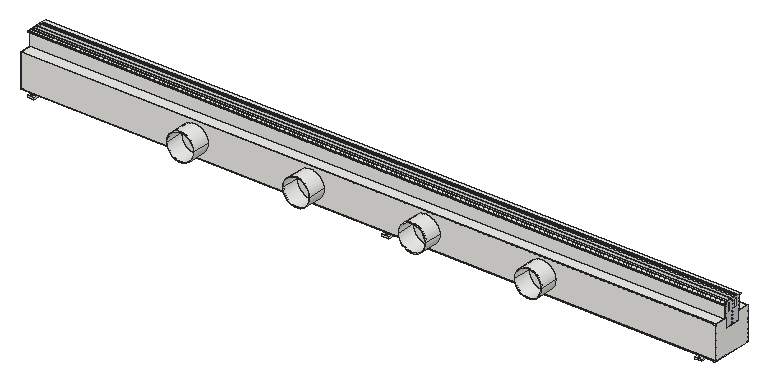
Revit family "SDA", category Air Terminals, Revit 2017
Family settings
  Round Connector Dimension = Use Diameter
  Part Type = Normal
  Work Plane-Based = No
  Always vertical = Yes
  Cut with Voids When Loaded = No
  Shared = No
  Room Calculation Point = No
Parameters (values of type "2000_Abmessungen mit 2-reihigem Schlitzauslass")
  Volumenstrom V0 ( m³/h) = if(and(Index1 = 1, Index2 = 1), "48/59/70", if(and(Index1 = 1, Index2 = 2), "85/105/127", if(and(Index1 = 2, Index2 = 1), "85/105/127", if(and(Index1 = 2, Index2 = 2), "146/186/228", if(and(Index1 = 3, Index2 = 1), "117/147/179", if(and(Index1 = 3, Index2 = 2), "198/257/319", if(and(Index1 = 4, Index2 = 1), "146/186/228", if(and(Index1 = 4, Index2 = 2), "245/323/404", "Product not available"))))))))  # "245/323/404"
  Visible 2 Reihigem = yes
  Visible 4 Stutzen = yes
  Visible 3 Stutzen = no
  Visible 2 Stutzen = no
  Visible 1 Stutzen = no
  Spez. Volumenstrom (m³/hm) = if(and(Index1 = 1, Index2 = 1), "97/118/141", if(and(Index1 = 1, Index2 = 2), "85/105/127", if(and(Index1 = 2, Index2 = 1), "85/105/127", if(and(Index1 = 2, Index2 = 2), "73/93/114", if(and(Index1 = 3, Index2 = 1), "78/98/119", if(and(Index1 = 3, Index2 = 2), "66/86/106", if(and(Index1 = 4, Index2 = 1), "73/93/114", if(and(Index1 = 4, Index2 = 2), "61/81/101", "Product not available"))))))))  # "61/81/101"
  Schalleistungspegel Lw dB(A) = if(Index = 1, "30/35/40", "30/35/40")  # "30/35/40"
  Min Flow = 0.0 L/s
  Max Flow = 0.0 L/s
  Index2 = 2
  Index1 = 4
  Index = 1
  E = A - (2 * D)  # 999.0 mm
  Druckverlust Δp (Pa) = if(and(Index1 = 1, Index2 = 1), "44/65/91", if(and(Index1 = 1, Index2 = 2), "34/52/74", if(and(Index1 = 2, Index2 = 1), "34/52/74", if(and(Index1 = 2, Index2 = 2), "25/40/60", if(and(Index1 = 3, Index2 = 1), "29/45/66", if(and(Index1 = 3, Index2 = 2), "21/35/53", if(and(Index1 = 4, Index2 = 1), "25/40/60", if(and(Index1 = 4, Index2 = 2), "18/31/48", "Product not available"))))))))  # "18/31/48"
  D = if(Index1 = 1, 124.5 mm, if(Index1 = 2, 249.5 mm, if(Index1 = 3, 374.5 mm, 499.5 mm)))  # 499.5 mm
  C = if(Index = 1, 116.0 mm, 95.0 mm)  # 116.0 mm
  A = if(Index1 = 1, 498.0 mm, if(Index1 = 2, 998.0 mm, if(Index1 = 3, 1498.0 mm, 1998.0 mm)))  # 1998.0 mm
  Product material = RAL 9016
  B = if(Index = 1, 48.6 mm, 27.5 mm)  # 48.6 mm
Types (9, lengths in mm): name | Volumenstrom V0 ( m³/h) | Visible 2 Reihigem | Visible 4 Stutzen | Visible 3 Stutzen | Visible 2 Stutzen | Visible 1 Stutzen | Spez. Volumenstrom (m³/hm) | Index2 | Index1 | Index | E | Druckverlust Δp (Pa) | D | C | A | B
  (no name) | "245/323/404" | yes | yes | no | no | no | "61/81/101" | 2 | 4 | 1 | 999.0 | "18/31/48" | 499.5 | 116.0 | 1998.0 | 48.6
  500_Abmessungen mit 1-reihigem Schlitzauslass | "48/59/70" | no | no | no | no | yes | "97/118/141" | 1 | 1 | 0 | 249.0 | "44/65/91" | 124.5 | 95.0 | 498.0 | 27.5
  500_Abmessungen mit 2-reihigem Schlitzauslass | "85/105/127" | yes | no | no | no | yes | "85/105/127" | 2 | 1 | 1 | 249.0 | "34/52/74" | 124.5 | 116.0 | 498.0 | 48.6
  1000_Abmessungen mit 1-reihigem Schlitzauslass | "85/105/127" | no | no | no | yes | no | "85/105/127" | 1 | 2 | 0 | 499.0 | "34/52/74" | 249.5 | 95.0 | 998.0 | 27.5
  1000_Abmessungen mit 2-reihigem Schlitzauslass | "146/186/228" | yes | no | yes | no | no | "73/93/114" | 2 | 2 | 1 | 499.0 | "25/40/60" | 249.5 | 116.0 | 998.0 | 48.6
  1500_Abmessungen mit 1-reihigem Schlitzauslass | "117/147/179" | no | no | yes | no | no | "78/98/119" | 1 | 3 | 0 | 749.0 | "29/45/66" | 374.5 | 95.0 | 1498.0 | 27.5
  1500_Abmessungen mit 2-reihigem Schlitzauslass | "198/257/319" | yes | yes | no | no | no | "66/86/106" | 2 | 3 | 1 | 749.0 | "21/35/53" | 374.5 | 116.0 | 1498.0 | 48.6
  2000_Abmessungen mit 1-reihigem Schlitzauslass | "146/186/228" | no | yes | no | no | no | "73/93/114" | 1 | 4 | 0 | 999.0 | "25/40/60" | 499.5 | 95.0 | 1998.0 | 27.5
  2000_Abmessungen mit 2-reihigem Schlitzauslass | "245/323/404" | yes | yes | no | no | no | "61/81/101" | 2 | 4 | 1 | 999.0 | "18/31/48" | 499.5 | 116.0 | 1998.0 | 48.6
Reference planes
  plane 1 "Center (Front/Back)": y = 0
  plane 2: z = 0
  plane 3 "Center (Left/Right)": x = 0
  plane 4: x = -999
  plane 5: x = 999
  plane 6: x = -1000
  plane 7: x = 1000
  plane 8: y = 58
  plane 9: y = -58
  plane 10: y = 71.5
  plane 11: y = -71.5
  plane 12: x = -959
  plane 13: x = 60
  plane 14: x = 959
  plane 15: y = 63.5
  plane 16: y = -63.5
  plane 17: x = 499.5
  plane 18: x = -499.5
  plane 19: z = 99.6
  plane 20: z = 51.8
  plane 21: y = -108
  plane 22: x = -166.5
  plane 23: x = 166.5
Forms (mm)
  Sweep 1, solid, material "RAL 9016" <- "Product material"
    path origin (0, 0, 0) x (1, 0, 0) y (0, 1, 0)
      loop
        line (-1000, 0) -> (1000, 0)
    profile "B_C : B_C" origin (0, 0, 0) x (0, 1, 0) y (0, 0, 1)
      loop
        arc (24.3, 99.6) -> (24.593, 98.893) -> (25.3, 98.6) r 1
        line (25.3, 98.6) -> (57, 98.6) -> (57, 5) -> (-57, 5) -> (-57, 98.6) -> (-25.3, 98.6)
        arc (-25.3, 98.6) -> (-24.593, 98.893) -> (-24.3, 99.6) r 1
        line (-24.3, 99.6) -> (-24.3, 134) -> (-25.3, 134) -> (-25.3, 99.6) -> (-57, 99.6)
        arc (-57, 99.6) -> (-57.707, 99.307) -> (-58, 98.6) r 1
        line (-58, 98.6) -> (-58, 5)
        arc (-58, 5) -> (-57.707, 4.293) -> (-57, 4) r 1
        line (-57, 4) -> (57, 4)
        arc (57, 4) -> (57.707, 4.293) -> (58, 5) r 1
        line (58, 5) -> (58, 98.6)
        arc (58, 98.6) -> (57.707, 99.307) -> (57, 99.6) r 1
        line (57, 99.6) -> (25.3, 99.6) -> (25.3, 134) -> (24.3, 134) -> (24.3, 99.6)
  Extrusion 2, solid, material "RAL 9016" <- "Product material"
    sketch origin (-1000, 0, 0) x (0, -1, 0) y (0, 0, 1)
      loop
        line (57, 98.6) -> (24.3, 98.6) -> (24.3, 73.6) -> (-24.3, 73.6) -> (-24.3, 98.6) -> (-57, 98.6) -> (-57, 5) -> (57, 5) -> (57, 98.6)
    from 0 to -1
  Extrusion 3, solid, material "RAL 9016" <- "Product material"
    sketch origin (1000, 0, 0) x (0, 0, 1) y (0, -1, 0)
      loop
        line (98.6, -57) -> (98.6, -24.3) -> (73.6, -24.3) -> (73.6, 24.3) -> (98.6, 24.3) -> (98.6, 57) -> (5, 57) -> (5, -57) -> (98.6, -57)
    from 0 to -1
  Extrusion 4, solid, material "RAL 9016" <- "Product material"
    sketch origin (0, 0, 0) x (1, 0, 0) y (0, 1, 0)
      loop
        line (-969, 71.5) -> (-969, -71.5) -> (-949, -71.5) -> (-949, 71.5) -> (-969, 71.5)
      loop
        line (50, 71.5) -> (50, -71.5) -> (70, -71.5) -> (70, 71.5) -> (50, 71.5)
      loop
        line (949, 71.5) -> (949, -71.5) -> (969, -71.5) -> (969, 71.5) -> (949, 71.5)
    from 0 to 4
  Extrusion 5, void
    sketch origin (0, 0, 0) x (1, 0, 0) y (0, 1, 0)
      loop
        circle (-959, 63.5) r 4
      loop
        circle (-959, -63.5) r 4
      loop
        circle (60, 63.5) r 4
      loop
        circle (60, -63.5) r 4
      loop
        circle (959, 63.5) r 4
      loop
        circle (959, -63.5) r 4
    from 0 to 4
  Sweep 6, solid, material "RAL 9016" <- "Product material"
    path origin (0, 0, 0) x (1, 0, 0) y (0, 1, 0)
      loop
        line (-1000, 0) -> (1000, 0)
    profile "B : B" origin (0, 0, 0) x (0, 1, 0) y (0, 0, 1)
      loop
        line (-20.85, 139.8) -> (-20.85, 140.8) -> (-32.3, 140.8) -> (-32.3, 139.8) -> (-23.35, 139.8) -> (-23.35, 74.6) -> (23.35, 74.6) -> (23.35, 139.8) -> (32.3, 139.8) -> (32.3, 140.8) -> (20.85, 140.8) -> (20.85, 139.8) -> (22.35, 139.8) -> (22.35, 75.6) -> (1, 75.6) -> (1, 140.8) -> (-1, 140.8) -> (-1, 75.6) -> (-22.35, 75.6) -> (-22.35, 139.8) -> (-20.85, 139.8)
  Extrusion 7, solid
    sketch origin (1000, 0, 0) x (0, 0, 1) y (0, -1, 0)
      loop
        line (75.6, -22.35) -> (139.8, -22.35) -> (139.8, -20.85) -> (140.8, -20.85) -> (140.8, 20.85) -> (139.8, 20.85) -> (139.8, 22.35) -> (75.6, 22.35) -> (75.6, -22.35)
    from 0 to -1
  Extrusion 8, solid
    sketch origin (-1000, 0, 0) x (0, -1, 0) y (0, 0, 1)
      loop
        line (22.35, 75.6) -> (22.35, 139.8) -> (20.85, 139.8) -> (20.85, 140.8) -> (-20.85, 140.8) -> (-20.85, 139.8) -> (-22.35, 139.8) -> (-22.35, 75.6) -> (22.35, 75.6)
    from 0 to -1
  Extrusion 9, solid, material "RAL 9016" <- "Product material", visible <- "Visible 2 Reihigem"
    sketch origin (-1000, 0, 0) x (0, -1, 0) y (0, 0, 1)
      loop
        line (10.9, 140.8) -> (10.9, 115.8) -> (12.9, 115.8) -> (12.9, 140.8) -> (10.9, 140.8)
      loop
        line (-10.9, 140.8) -> (-12.9, 140.8) -> (-12.9, 115.8) -> (-10.9, 115.8) -> (-10.9, 140.8)
    from 0 to -2000
  Extrusion 10, solid, material "RAL 9016" <- "Product material", visible <- "Visible 4 Stutzen"
    sketch origin (0, 0, 0) x (1, 0, 0) y (0, 0, 1)
      loop
        circle (-499.5, 51.8) r 39
      loop
        circle (-499.5, 51.8) r 38
      loop
        circle (-166.5, 51.8) r 39
      loop
        circle (-166.5, 51.8) r 38
      loop
        circle (166.5, 51.8) r 39
      loop
        circle (166.5, 51.8) r 38
      loop
        circle (499.5, 51.8) r 39
      loop
        circle (499.5, 51.8) r 38
    from 58 to 108
  Extrusion 11, solid, material "RAL 9016" <- "Product material", visible <- "Visible 1 Stutzen"
    sketch origin (0, 0, 0) x (1, 0, 0) y (0, 0, 1)
      loop
        circle (0, 51.8) r 39
      loop
        circle (0, 51.8) r 38
    from 58 to 108
  Extrusion 12, solid, material "RAL 9016", visible <- "Visible 2 Stutzen"
    sketch origin (0, 0, 0) x (1, 0, 0) y (0, 0, 1)
      loop
        circle (-499.5, 51.8) r 39
      loop
        circle (-499.5, 51.8) r 38
      loop
        circle (499.5, 51.8) r 39
      loop
        circle (499.5, 51.8) r 38
    from 45.841 to 108
  Extrusion 13, solid, material "RAL 9016", visible <- "Visible 3 Stutzen"
    sketch origin (0, 0, 0) x (1, 0, 0) y (0, 0, 1)
      loop
        circle (-499.5, 51.8) r 39
      loop
        circle (499.5, 51.8) r 39
      loop
        circle (-499.5, 51.8) r 38
      loop
        circle (499.5, 51.8) r 38
      loop
        circle (0, 51.8) r 39
      loop
        circle (0, 51.8) r 38
    from 57 to 108
Cuts and joins
  Extrusion 5 cuts Extrusion 4
Dimensions and locks
  equal spacing: plane 4, plane 3 "Center (Left/Right)", plane 5
  "A": plane 4 to plane 5
  locked: plane 6 to plane 4 at 1
  locked: plane 5 to plane 7 at 1
  equal spacing: plane 9, plane 1 "Center (Front/Back)", plane 8
  "C": plane 9 to plane 8
  locked: plane 8 to plane 10 at 13.5
  locked: plane 11 to plane 9 at 13.5
  locked: plane 4 to plane 12 at 40
  locked: plane 14 to plane 5 at 40
  locked: plane 3 "Center (Left/Right)" to plane 13 at 60
  equal spacing: Extrusion 4 sketch curve, plane 12, Extrusion 4 sketch curve
  locked: Extrusion 4 sketch curve to Extrusion 4 sketch curve at 20  (x2)
  equal spacing: Extrusion 4 sketch curve, plane 14, Extrusion 4 sketch curve
  locked: plane 15 to plane 8 at 5.5
  locked: plane 16 to plane 9 at 5.5
  locked: Extrusion 9 sketch curve to Extrusion 9 sketch curve at 2  (x2)
  locked: plane 1 "Center (Front/Back)" to Extrusion 9 sketch curve at 10.9
  locked: Extrusion 9 sketch curve to plane 1 "Center (Front/Back)" at 10.9
  "D": plane 17 to plane 5
  "D": plane 18 to plane 4
  locked: plane 19 to level at 99.6
  locked: plane 19 to plane 20 at 47.8
  locked: plane 21 to plane 9 at 50
  equal spacing: plane 17, plane 23, plane 22, plane 18
  aligned and locked: plane 1 "Center (Front/Back)" to Sweep 1 sketch curve
  aligned and locked: Extrusion 2 sketch curve to Sweep 1  (x5)
  aligned and locked: Sweep 1 to Extrusion 2 sketch curve  (x2)
  aligned and locked: Extrusion 3 sketch curve to Sweep 1  (x5)
  aligned and locked: Sweep 1 to Extrusion 3 sketch curve  (x2)
  aligned and locked: plane 10 to Extrusion 4
  aligned and locked: Extrusion 4 to plane 11  (x2)
  aligned and locked: Extrusion 4 to plane 10  (x2)
  aligned and locked: plane 11 to Extrusion 4
  aligned and locked: Sweep 1 to Sweep 6 sketch curve  (x2)
  aligned and locked: Extrusion 7 sketch curve to Sweep 6  (x7)
  aligned and locked: Extrusion 8 sketch curve to Sweep 6  (x7)
  aligned and locked: Extrusion 8 sketch curve to Extrusion 8 sketch curve
  aligned and locked: plane 7 to Extrusion 9
  aligned and locked: plane 6 to Extrusion 9
  aligned and locked: plane 19 to Sweep 1
  aligned and locked: Extrusion 10 to plane 9
  aligned and locked: Extrusion 10 to Extrusion 11
  aligned and locked: Extrusion 10 to plane 21
  aligned and locked: Extrusion 12 to plane 21
  aligned and locked: Extrusion 13 to plane 21
  aligned and locked: Extrusion 13 to Extrusion 2
  aligned and locked: Extrusion 11 to plane 9
Automatic sketch dimensions
  Sweep 1 sketch curve to plane 6 = 0.0 mm
  Sweep 1 sketch curve to plane 7 = 0.0 mm
  Extrusion 2 sketch curve to Extrusion 2 sketch curve = 25.0 mm
  Sweep 1 to Extrusion 3 sketch curve = 25.0 mm
  Extrusion 4 sketch curve to plane 11 = 0.0 mm  (x3)
  Extrusion 4 sketch curve to plane 10 = 0.0 mm  (x3)
  plane 13 to Extrusion 4 sketch curve = 10.0 mm
  Extrusion 4 sketch curve to plane 13 = 10.0 mm
  Extrusion 5 sketch curve to plane 12 = 0.0 mm  (x2)
  Extrusion 5 sketch curve to plane 13 = 0.0 mm  (x2)
  Extrusion 5 sketch curve to plane 14 = 0.0 mm  (x2)
  plane 16 to Extrusion 5 sketch curve = 0.0 mm  (x3)
  Extrusion 5 sketch curve to plane 15 = 0.0 mm  (x3)
  plane 1 "Center (Front/Back)" to Sweep 6 sketch curve = 0.0 mm
  Sweep 6 to Extrusion 7 sketch curve = 0.0 mm
  Extrusion 8 sketch curve to Sweep 6 = 0.0 mm
  Sweep 6 to Extrusion 9 sketch curve = 0.0 mm
  Sweep 6 to Extrusion 9 sketch curve = 24.0 mm
  Extrusion 9 sketch curve to Extrusion 9 sketch curve = 0.0 mm
  Extrusion 9 sketch curve to Sweep 6 = 0.0 mm
  Extrusion 11 sketch curve to plane 3 "Center (Left/Right)" = 0.0 mm
  Extrusion 11 sketch curve to plane 20 = 0.0 mm
  Extrusion 11 sketch curve to Extrusion 11 sketch curve = 0.0 mm  (x2)
  Extrusion 10 sketch curve to Extrusion 10 sketch curve = 0.0 mm  (x8)
  plane 18 to Extrusion 10 sketch curve = 0.0 mm
  Extrusion 10 sketch curve to plane 20 = 0.0 mm  (x4)
  Extrusion 10 sketch curve to plane 22 = 0.0 mm
  plane 23 to Extrusion 10 sketch curve = 0.0 mm
  Extrusion 10 sketch curve to plane 17 = 0.0 mm
  Extrusion 12 sketch curve to Extrusion 12 sketch curve = 0.0 mm  (x4)
  plane 18 to Extrusion 12 sketch curve = 0.0 mm
  Extrusion 12 sketch curve to plane 17 = 0.0 mm
  Extrusion 12 sketch curve to plane 20 = 0.0 mm  (x2)
  Extrusion 13 sketch curve to Extrusion 13 sketch curve = 0.0 mm  (x6)
  plane 18 to Extrusion 13 sketch curve = 0.0 mm
  Extrusion 13 sketch curve to plane 3 "Center (Left/Right)" = 0.0 mm
  Extrusion 13 sketch curve to plane 17 = 0.0 mm
  Extrusion 13 sketch curve to plane 20 = 0.0 mm  (x3)
  radius of Extrusion 5 sketch curve = 4.0 mm  (x6)
  radius of Extrusion 11 sketch curve = 39.0 mm
  radius of Extrusion 11 sketch curve = 38.0 mm
  radius of Extrusion 10 sketch curve = 39.0 mm  (x4)
  radius of Extrusion 10 sketch curve = 38.0 mm  (x4)
  radius of Extrusion 12 sketch curve = 39.0 mm  (x2)
  radius of Extrusion 12 sketch curve = 38.0 mm  (x2)
  radius of Extrusion 13 sketch curve = 39.0 mm  (x3)
  radius of Extrusion 13 sketch curve = 38.0 mm  (x3)
Connectors
  hvac at (0, -108, 51.8)
    settings: on Extrusion 11, index 1, duct flow 0.0 L/s, flow factor 0, pres drop 0.0 Pa, loss coef 0, conn angle 0.00°, conn width 304.8 mm, conn height 304.8 mm, conn diameter 78 mm, duct sys type 1, conn prof type 0, flow config 0, flow direction 1, loss method 0, conn ref index -1, conn util no, is conn primary yes, conn desc ""
  hvac at (499.5, -108, 51.8)
    settings: on Extrusion 12, index 2, duct flow 0.0 L/s, flow factor 0, pres drop 0.0 Pa, loss coef 0, conn angle 0.00°, conn width 304.8 mm, conn height 304.8 mm, conn diameter 78 mm, duct sys type 1, conn prof type 0, flow config 0, flow direction 1, loss method 0, conn ref index -1, conn util no, is conn primary no, conn desc ""
  hvac at (-499.5, -108, 51.8)
    settings: on Extrusion 12, index 3, duct flow 0.0 L/s, flow factor 0, pres drop 0.0 Pa, loss coef 0, conn angle 0.00°, conn width 304.8 mm, conn height 304.8 mm, conn diameter 78 mm, duct sys type 1, conn prof type 0, flow config 0, flow direction 1, loss method 0, conn ref index -1, conn util no, is conn primary no, conn desc ""
  hvac at (-499.5, -108, 51.8)
    settings: on Extrusion 13, index 4, duct flow 0.0 L/s, flow factor 0, pres drop 0.0 Pa, loss coef 0, conn angle 0.00°, conn width 304.8 mm, conn height 304.8 mm, conn diameter 78 mm, duct sys type 1, conn prof type 0, flow config 0, flow direction 1, loss method 0, conn ref index -1, conn util no, is conn primary no, conn desc ""
  hvac at (0, -108, 51.8)
    settings: on Extrusion 13, index 5, duct flow 0.0 L/s, flow factor 0, pres drop 0.0 Pa, loss coef 0, conn angle 0.00°, conn width 304.8 mm, conn height 304.8 mm, conn diameter 78 mm, duct sys type 1, conn prof type 0, flow config 0, flow direction 1, loss method 0, conn ref index -1, conn util no, is conn primary no, conn desc ""
  hvac at (499.5, -108, 51.8)
    settings: on Extrusion 13, index 6, duct flow 0.0 L/s, flow factor 0, pres drop 0.0 Pa, loss coef 0, conn angle 0.00°, conn width 304.8 mm, conn height 304.8 mm, conn diameter 78 mm, duct sys type 1, conn prof type 0, flow config 0, flow direction 1, loss method 0, conn ref index -1, conn util no, is conn primary no, conn desc ""
  hvac at (-166.5, -108, 51.8)
    settings: on Extrusion 10, index 7, duct flow 0.0 L/s, flow factor 0, pres drop 0.0 Pa, loss coef 0, conn angle 0.00°, conn width 304.8 mm, conn height 304.8 mm, conn diameter 78 mm, duct sys type 1, conn prof type 0, flow config 0, flow direction 1, loss method 0, conn ref index -1, conn util no, is conn primary no, conn desc ""
  hvac at (166.5, -108, 51.8)
    settings: on Extrusion 10, index 8, duct flow 0.0 L/s, flow factor 0, pres drop 0.0 Pa, loss coef 0, conn angle 0.00°, conn width 304.8 mm, conn height 304.8 mm, conn diameter 78 mm, duct sys type 1, conn prof type 0, flow config 0, flow direction 1, loss method 0, conn ref index -1, conn util no, is conn primary no, conn desc ""
  hvac at (-499.5, -108, 51.8)
    settings: on Extrusion 10, index 9, duct flow 0.0 L/s, flow factor 0, pres drop 0.0 Pa, loss coef 0, conn angle 0.00°, conn width 304.8 mm, conn height 304.8 mm, conn diameter 78 mm, duct sys type 1, conn prof type 0, flow config 0, flow direction 1, loss method 0, conn ref index -1, conn util no, is conn primary no, conn desc ""
  hvac at (499.5, -108, 51.8)
    settings: on Extrusion 10, index 10, duct flow 0.0 L/s, flow factor 0, pres drop 0.0 Pa, loss coef 0, conn angle 0.00°, conn width 304.8 mm, conn height 304.8 mm, conn diameter 78 mm, duct sys type 1, conn prof type 0, flow config 0, flow direction 1, loss method 0, conn ref index -1, conn util no, is conn primary no, conn desc ""
